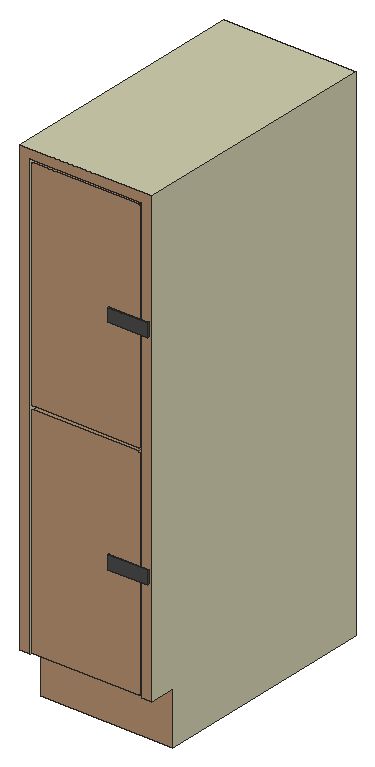
Revit family "Cabinet_Wenger_UltraStor_57", category Furniture, Revit 2015
Parameters (values of type "UltraStor Cabinet #57 - Comp Wood Doors")
  URL = "https://www.wengercorp.com/"
  Type Comments = ""
  Specification = "http://www.arcat.com/sdspecs/htm04/12_35_83wen.htm"
  Shelf Thickness = 0' - 1 1/8"
  Sales Information = "https://www.wengercorp.com/contact-us.php"
  Revision = "R1_2018-04"
  Rear Panel Thickness = 0' - 0 3/4"
  Product Data = "http://www.arcat.com/arcatcos/cos36/arc36487.html"
  Manufacturer Website = "https://www.wengercorp.com/"
  Manufacturer Phone - Toll Free = "800-4WENGER"
  Manufacturer Phone = "(507) 455-4100"
  Manufacturer Fax = "(507) 455-4258"
  Manufacturer Address = "555 Park Dr., Owatonna, MN 55060"
  Keynote = "12 35 83"
  HasDoors = yes
  Green Building-LEED = "http://www.arcat.com/green/clients/leed_data_36487.html"
  Drawn By = "Sumex Design, Inc. / Robert S. Weygant, CSI, CDT, SCIP"
  Door Width = (Cabinet Width - 0' 1 1/2")  # 0' - 8 1/2"
  Door Style = Door_Base : Solid Door
  Door Material [instance] = Wenger Cherry (Use Cherry Edge Band Only)
  Door Height = (Cabinet Height - 0' 4 3/4") / 2  # 1' - 4 25/32"
  Toe Kick Material [instance] = Wenger Cherry (Use Cherry Edge Band Only)
  RH End Panel [instance] = no
  Model = "#57"
  Manufacturer = "Wenger Corporation"
  LH End Panel [instance] = no
  End Panel Material [instance] = Wenger Cherry (Use Cherry Edge Band Only)
  Edge Banding Material [instance] = Wenger Cherry (Use Cherry Edge Band Only)
  Cost = 0
  Copyright = "© 2018 Arcat Inc."
  Construction Details = "http://www.arcat.com/details/wengerco/wengerco.html?coid=36487"
  Body Material [instance] = Wenger - Oyster
  Description = "Wenger UltraStor Cabinet #57 - Comp Wood Doors"
  Cabinet Width = 0' - 10"
  Cabinet Height = 3' - 2 5/16"
  Installed Depth = 1' - 7 1/4"
  Cabinet Panel Thickness = 0' - 0 3/4"
  Assembly Code = "E2010200"
Types (14): name | Rear Panel Thickness | HasDoors | Door Width | Door Style | Door Material | Model | Description | Cabinet Width | Installed Depth
  Acoustic Cabinet #57 - No Doors | 0' - 3 1/4" | no | 0' - 8 1/2" | Door_Base : Solid Door | none | "#57A" | "Wenger Acoustic Cabinet #57 - No Doors" | 0' - 10" | 1' - 9 3/4"
  Narrow Acoustic Cabinet #57 - No Doors | 0' - 3 1/4" | no | 0' - 6 1/2" | Door_Base : Solid Door | none | "#57NA" | "Wenger Narrow Acoustic Cabinet #57 - No Doors" | 0' - 8" | 1' - 9 3/4"
  Narrow Acoustic Cabinet #57 - Comp Grille Doors | 0' - 3 1/4" | yes | 0' - 6 1/2" | Door_Base : Bars | Painted Black | "#57NA" | "Wenger Narrow Acoustic Cabinet #57 - Comp Grille Doors" | 0' - 8" | 1' - 9 3/4"
  Acoustic Cabinet #57 - Comp Waterfall Grille Doors | 0' - 3 1/4" | yes | 0' - 8 1/2" | Door_Base : Waterfall | Painted Black | "#57A" | "Wenger Acoustic Cabinet #57 - Comp Waterfall Grille Doors" | 0' - 10" | 1' - 9 3/4"
  Narrow Acoustic Cabinet #57 - Comp Waterfall Grille Doors | 0' - 3 1/4" | yes | 0' - 6 1/2" | Door_Base : Waterfall | Painted Black | "#57NA" | "Wenger Narrow Acoustic Cabinet #57 - Comp Waterfall Grille Doors" | 0' - 8" | 1' - 9 3/4"
  Acoustic Cabinet #57 - Comp Grille Doors | 0' - 3 1/4" | yes | 0' - 8 1/2" | Door_Base : Bars | Painted Black | "#57A" | "Wenger Acoustic Cabinet #57 - Comp Grille Doors" | 0' - 10" | 1' - 9 3/4"
  UltraStor Cabinet #57 - Comp Grille Doors | 0' - 0 3/4" | yes | 0' - 8 1/2" | Door_Base : Bars | Painted Black | "#57" | "Wenger UltraStor Cabinet #57 - Comp Grille Doors" | 0' - 10" | 1' - 7 1/4"
  UltraStor Cabinet #57 - No Doors | 0' - 0 3/4" | no | 0' - 8 1/2" | Door_Base : Solid Door | none | "#57" | "Wenger UltraStor Cabinet #57 - No Doors" | 0' - 10" | 1' - 7 1/4"
  Narrow UltraStor Cabinet #57 - No Doors | 0' - 0 3/4" | no | 0' - 6 1/2" | Door_Base : Solid Door | none | "#57N" | "Wenger Narrow Cabinet #57 - No Doors" | 0' - 8" | 1' - 7 1/4"
  UltraStor Cabinet #57 - Comp Wood Doors | 0' - 0 3/4" | yes | 0' - 8 1/2" | Door_Base : Solid Door | Wenger Cherry (Use Cherry Edge Band Only) | "#57" | "Wenger UltraStor Cabinet #57 - Comp Wood Doors" | 0' - 10" | 1' - 7 1/4"
  UltraStor Cabinet #57 - Comp Waterfall Grille Doors | 0' - 0 3/4" | yes | 0' - 8 1/2" | Door_Base : Waterfall | Painted Black | "#57" | "Wenger UltraStor Cabinet #57 - Comp Waterfall Grille Doors" | 0' - 10" | 1' - 7 1/4"
  Narrow UltraStor Cabinet #57 - Comp Wood Doors | 0' - 0 3/4" | yes | 0' - 6 1/2" | Door_Base : Solid Door | Wenger Cherry (Use Cherry Edge Band Only) | "#57N" | "Wenger Narrow Cabinet #57 - Comp Wood Doors" | 0' - 8" | 1' - 7 1/4"
  Narrow UltraStor Cabinet #57 - Comp Grille Doors | 0' - 0 3/4" | yes | 0' - 6 1/2" | Door_Base : Bars | Painted Black | "#57N" | "Wenger Narrow Cabinet #57 - Comp Grille Doors" | 0' - 8" | 1' - 7 1/4"
  Narrow UltraStor Cabinet #57 - Comp Waterfall Grille Doors | 0' - 0 3/4" | yes | 0' - 6 1/2" | Door_Base : Waterfall | Painted Black | "#57N" | "Wenger Narrow Cabinet #57 - Comp Waterfall Grille Doors" | 0' - 8" | 1' - 7 1/4"
Reference planes (in)
  plane 1 "Front": y = 0
  plane 2: z = 0
  plane 3 "Left": x = 0
  plane 4 "Right": x = 10
  plane 5 "Back": y = 19.25
  plane 6 "Top": z = 38.3125
  plane 7: z = 4
  plane 8: z = 20.78125
  plane 9: x = 0.75
  plane 10: x = 9.25
  plane 11: z = 37.5625
  plane 12: x = 9.25
  plane 13: x = 0.75
  plane 14: y = 18.5
  plane 15: y = 2
  plane 16: y = 0.75
  plane 17: z = 21.90625
  plane 18: z = 5.125
Forms (in)
  Extrusion 1, solid, material "Wenger - Oyster" <- "Body Material"
    sketch origin (0, 0, 0) x (0, 1, 0) y (0, 0, 1)
      loop
        line (0, 38.3125) -> (0, 4) -> (2, 4) -> (2, 0) -> (19.25, 0) -> (19.25, 38.3125) -> (0, 38.3125)
    from 0 to 10
  Extrusion 2, void
    sketch origin (0, 0, 0) x (0, 1, 0) y (0, 0, 1)
      loop
        line (0, 37.5625) -> (0, 4) -> (0.75, 4)
        arc (0.75, 4) -> (1.15915, 4.80234) -> (2, 5.125) r 1.25694
        line (2, 5.125) -> (18.5, 5.125) -> (18.5, 20.78125) -> (0.75, 20.78125)
        arc (0.75, 20.78125) -> (1.15915, 21.58359) -> (2, 21.90625) r 1.25694
        line (2, 21.90625) -> (18.5, 21.90625) -> (18.5, 37.5625) -> (0, 37.5625)
    from 0.75 to 9.25
  Extrusion 3, void
    sketch origin (0, 0, 0) x (0, 1, 0) y (0, 0, 1)
      loop
        line (0, 37.5625) -> (0, 4) -> (0.0625, 4) -> (0.0625, 37.5625) -> (0, 37.5625)
    from 0.75 to 9.25
Cuts and joins
  Extrusion 2, Extrusion 3 cuts Extrusion 1
Lines and regions (in)
  Masking region 1
    outline origin (0, 0, 0) x (1, 0, 0) y (0, 1, 0)
      loop
        line (0, 19.25) -> (0, 0) -> (10, 0) -> (10, 19.25) -> (0, 19.25)
Dimensions and locks (in)
  "Cabinet Panel Thickness": plane 3 "Left" to plane 9
  "Cabinet Panel Thickness": plane 10 to plane 4 "Right"
  "Cabinet Panel Thickness": plane 5 "Back" to plane 14
  locked: plane 1 "Front" to plane 16 at 0.75
  locked: plane 1 "Front" to plane 15 at 2
  "Shelf Thickness": plane 17 to plane 8
  "Cabinet Panel Thickness": plane 6 "Top" to plane 11
  equal spacing: plane 11, plane 8, plane 7
  "Shelf Thickness": plane 18 to plane 7
  "Cabinet Width": plane 3 "Left" to plane 4 "Right"
  locked: plane 7 to level at 4
  "Cabinet Height": plane 6 "Top" to level
  "Installed Depth": plane 1 "Front" to plane 5 "Back"
  "Door Width": plane 12 to plane 9
  "Door Width": plane 10 to plane 13
  plane 3 "Left" to plane 4 "Right" = 0' - 10"
  equal spacing: plane 5 "Back", nested 2, plane 1 "Front"
  equal spacing: plane 13, nested 2, plane 12
  aligned and locked: Extrusion 1 sketch curve to plane 6 "Top"
  aligned and locked: Extrusion 1 sketch curve to plane 5 "Back"
  aligned and locked: Extrusion 1 sketch curve to plane 1 "Front"
  aligned and locked: Extrusion 1 sketch curve to plane 7
  aligned and locked: Extrusion 1 sketch curve to plane 15
  aligned and locked: Extrusion 1 sketch curve to level
  aligned and locked: Extrusion 1 to plane 4 "Right"
  aligned and locked: Extrusion 1 to plane 3 "Left"
  aligned and locked: Extrusion 2 sketch curve to plane 11
  aligned and locked: Extrusion 2 sketch curve to plane 14
  aligned and locked: Extrusion 2 sketch curve to plane 8
  aligned and locked: Extrusion 2 sketch curve to plane 18
  aligned and locked: Extrusion 2 sketch curve to plane 17
  aligned and locked: Extrusion 2 to plane 9
  aligned and locked: Extrusion 3 sketch curve to cut or joined group of Extrusion 1, Extrusion 2, Extrusion 3  (x3)
  aligned and locked: Extrusion 3 to plane 10
  aligned and locked: Extrusion 3 to plane 9
  aligned and locked: nested 3 to plane 9
  aligned and locked: plane 12 to nested 3
  aligned and locked: nested 3 to plane 8
  aligned and locked: plane 8 to cut or joined group of Extrusion 1, Extrusion 2, Extrusion 3
  aligned and locked: plane 12 to nested 4
  aligned and locked: nested 4 to plane 9
  aligned and locked: plane 7 to cut or joined group of Extrusion 1, Extrusion 2, Extrusion 3
  aligned and locked: nested 4 to plane 7
  aligned and locked: plane 16 to Extrusion 2 sketch curve  (x2)
  aligned and locked: plane 1 "Front" to nested 5
  aligned and locked: nested 5 to level
  aligned and locked: nested 5 to plane 4 "Right"
  aligned and locked: Masking region 1 sketch curve to plane 5 "Back"
  aligned and locked: Masking region 1 sketch curve to plane 1 "Front"
  aligned and locked: plane 3 "Left" to Masking region 1 sketch curve
  aligned and locked: plane 4 "Right" to Masking region 1 sketch curve
  aligned and locked: cut or joined group of Extrusion 1, Extrusion 2, Extrusion 3 to plane 10
  aligned and locked: plane 1 "Front" to Extrusion 2 sketch curve
Automatic sketch dimensions
  plane 16 to Extrusion 3 sketch curve = 0' - 0 11/16"
  Extrusion 2 sketch curve to plane 7 = 0' - 0"
  Extrusion 2 sketch curve to plane 15 = 0' - 0"  (x2)
  Extrusion 2 sketch curve to plane 14 = 0' - 0"
Nested families (in)
  nested 1: "End Panel" at (0, 4.25, 0) x (0, -1, 0) z (0, 0, 1), End Panel Material <- "End Panel Material", visible <- "LH End Panel", Edge Banding Material <- "Edge Banding Material", type "End Panel"
    with End Panel Material Wenger Cherry (Use Cherry Edge Band Only), Edge Banding Material Wenger Cherry (Use Cherry Edge Band Only), End Panel Height 3' - 2 5/16", End Panel Depth 1' - 7 1/4"
  nested 2: "Labels" at (5, 9.625, 0), type "Labels"
  nested 3: "Door_Base" at (5, 0, 20.78125) x (1, 0, 0) z (0, -1, 0), type <- "Door Style", Height <- "Door Height", Width <- "Door Width", visible <- "HasDoors", type "Solid Door", detail levels medium+fine
    with vBars 6, Width 0' - 8 1/2", ToeKick Height 0' - 4", MidBar no, Height 1' - 4 25/32", BarHt 1' - 4 9/32", 2HzBars no
  nested 4: "Door_Base" at (5, 0, 4) x (1, 0, 0) z (0, -1, 0), type <- "Door Style", Height <- "Door Height", Width <- "Door Width", visible <- "HasDoors", type "Solid Door", detail levels medium+fine
    with vBars 6, Width 0' - 8 1/2", ToeKick Height 0' - 4", MidBar no, Height 1' - 4 25/32", BarHt 1' - 4 9/32", 2HzBars no
  nested 5: "End Panel" at (10.75, 4.25, 0) x (0, -1, 0) z (0, 0, 1), End Panel Material <- "End Panel Material", Edge Banding Material <- "Edge Banding Material", visible <- "RH End Panel", type "End Panel"
    with End Panel Material Wenger Cherry (Use Cherry Edge Band Only), Edge Banding Material Wenger Cherry (Use Cherry Edge Band Only), End Panel Height 3' - 2 5/16", End Panel Depth 1' - 7 1/4"
Definition of nested family "End Panel"
  Parameters (values of type "End Panel")
    End Panel Material [instance] = none
    End Panel Height = 7' - 1 5/8"
    End Panel Depth = 1' - 9 3/4"
    Edge Banding Material [instance] = none
    Default Elevation = 4' - 0"
    Assembly Code = ""
  Reference planes (in)
    plane 1 "Center (Front/Back)": y = 0
    plane 2: z = 0
    plane 3 "Center (Left/Right)": x = 0
    plane 4: x = -15
    plane 5: x = 6.75
    plane 6: z = 4
    plane 7: x = 4.75
    plane 8: z = 85.625
    plane 9: y = -0.75
  Forms (in)
    Extrusion 1, solid, material <- "End Panel Material"
      sketch origin (0, 0, 0) x (1, 0, 0) y (0, 0, 1)
        loop
          line (-15, 85.625) -> (-15, 0) -> (4.75, 0) -> (4.75, 4) -> (6.75, 4) -> (6.75, 85.625) -> (-15, 85.625)
      from 0 to 0.75
  Lines and regions (in)
    Masking region 1, detail levels coarse+medium
      outline origin (0, 0, 0) x (1, 0, 0) y (0, 1, 0)
        loop
          line (-15, 0) -> (-15, -0.75) -> (6.75, -0.75) -> (6.75, 0) -> (-15, 0)
  Dimensions and locks (in)
    locked: plane 7 to plane 5 at 2
    locked: plane 6 to level at 4
    "End Panel Height": plane 8 to level
    "End Panel Depth": plane 5 to plane 4
    locked: plane 9 to plane 1 "Center (Front/Back)" at 0.75
    aligned and locked: plane 4 to Extrusion 1 sketch curve
    aligned and locked: level to Extrusion 1 sketch curve
    aligned and locked: plane 7 to Extrusion 1 sketch curve
    aligned and locked: plane 6 to Extrusion 1 sketch curve
    aligned and locked: Extrusion 1 sketch curve to plane 5
    aligned and locked: Extrusion 1 sketch curve to plane 8
    aligned and locked: Extrusion 1 to plane 9
    aligned and locked: Extrusion 1 to plane 1 "Center (Front/Back)"
    aligned and locked: plane 4 to Masking region 1 sketch curve
    aligned and locked: Masking region 1 sketch curve to plane 5
    aligned and locked: plane 1 "Center (Front/Back)" to Masking region 1 sketch curve
    aligned and locked: plane 9 to Masking region 1 sketch curve
Definition of nested family "Door_Base"
  Parameters (values of type "None")
    vBars [instance] = (Width - 0' 2") / 0' 1"  # 6
    Width [instance] = 0' - 8"
    ToeKick Height [instance] = 0' - 4"
    Thickness = 0' - 0 3/4"
    Solid Door = no
    Shelf Thickness = 0' - 0 3/4"
    Panel Thickness = 0' - 0 3/4"
    MidBar [instance] = and(Height < 1' 6", HasDoor, not(Solid Door))  # no
    Height [instance] = 1' - 2 5/8"
    HasDoor = no
    Edge Banding = none
    DoorGap = 0' - 0 1/8"
    Door Finish = none
    Depth = 2' - 0"
    Default Elevation = 4' - 0"
    Bars = no
    BarStyle = Bars : Waterfall
    BarHt [instance] = Height - 0' 0 1/2"  # 1' - 2 1/8"
    2HzBars [instance] = and(Height > 1' 6", not(Solid Door))  # no
  Types (4): name | Thickness | Solid Door | MidBar | HasDoor | Bars | BarStyle
    Solid Door | 0' - 0 3/4" | yes | no | yes | no | Bars : Waterfall
    Bars | 0' - 0 1/4" | no | yes | yes | yes | Bars : Straight
    Waterfall | 0' - 0 3/4" | no | yes | yes | yes | Bars : Waterfall
    None | 0' - 0 3/4" | no | no | no | no | Bars : Waterfall
  Reference planes (in)
    plane 1 "Center (Front/Back)": y = 0
    plane 2: z = 0
    plane 3 "Center (Left/Right)": x = 0
    plane 4: x = -4
    plane 5: y = 14.625
    plane 6: x = 4
    plane 7: z = -0.75
    plane 8: x = -3.875
    plane 9: x = 3.875
    plane 10: y = 0.125
    plane 11: y = 14.5
    plane 12: y = -0.75
    plane 13 "CL Elev": y = 7.3125
    plane 14: x = -3.75
    plane 15: x = 3.75
    plane 16 "BtmRail": y = 0.25
    plane 17: y = 14.375
    plane 18: z = -0.125
    plane 19: x = -2.75
    plane 20: x = 2.75
    plane 21: y = 9.66667
    plane 22: y = 4.95833
  Forms (in)
    Extrusion 1, solid, material <- "Door Finish", visible <- "Solid Door", detail levels medium+fine
      sketch origin (0, 0, 0) x (1, 0, 0) y (0, 1, 0)
        loop
          arc (-3.75, 14.5) -> (-3.83839, 14.46339) -> (-3.875, 14.375) r 0.125
          line (-3.875, 14.375) -> (-3.875, 0.25)
          arc (-3.875, 0.25) -> (-3.83839, 0.16161) -> (-3.75, 0.125) r 0.125
          line (-3.75, 0.125) -> (3.75, 0.125)
          arc (3.75, 0.125) -> (3.83839, 0.16161) -> (3.875, 0.25) r 0.125
          line (3.875, 0.25) -> (3.875, 14.375)
          arc (3.875, 14.375) -> (3.83839, 14.46339) -> (3.75, 14.5) r 0.125
          line (3.75, 14.5) -> (-3.75, 14.5)
      from 0 to -0.75
    Sweep 2, solid, material <- "Door Finish", visible <- "Bars", detail levels medium+fine
      path origin (0, 0, 0) x (1, 0, 0) y (0, 1, 0)
        loop
          arc (-3.125, 14.5) -> (-3.65533, 14.28033) -> (-3.875, 13.75) r 0.75
          line (-3.875, 13.75) -> (-3.875, 0.875)
          arc (-3.875, 0.875) -> (-3.65533, 0.34467) -> (-3.125, 0.125) r 0.75
          line (-3.125, 0.125) -> (3.125, 0.125)
          arc (3.125, 0.125) -> (3.65533, 0.34467) -> (3.875, 0.875) r 0.75
          line (3.875, 0.875) -> (3.875, 13.75)
          arc (3.875, 13.75) -> (3.65533, 14.28033) -> (3.125, 14.5) r 0.75
          line (3.125, 14.5) -> (-3.125, 14.5)
      profile origin (0, 14.5, 0) x (0, 1, 0) y (0, 0, 1)
        loop
          circle (-0.125, -0.125) r 0.125
    Extrusion 3, solid, material <- "Door Finish", visible <- "MidBar", detail levels medium+fine
      sketch origin (0, 0, 0) x (0, 1, 0) y (0, 0, 1)
        loop
          circle (7.3125, -0.125) r 0.125
      from -3.75 to 3.75
    Extrusion 4, solid, visible <- "HasDoor", detail levels fine
      sketch origin (0, 0, 0) x (1, 0, 0) y (0, 1, 0)
        loop
          line (1.5, 7.8125) -> (1.5, 6.8125) -> (4.5, 6.8125) -> (4.5, 7.8125) -> (1.5, 7.8125)
      from 0 to 0.125
    Extrusion 5, solid, material <- "Door Finish", visible <- "2HzBars", detail levels medium+fine
      sketch origin (0, 0, 0) x (0, 1, 0) y (0, 0, 1)
        loop
          circle (9.66667, -0.125) r 0.125
        loop
          circle (4.95833, -0.125) r 0.125
      from -3.75 to 3.75
  Lines and regions (in)
    symbolic lines, visible <- "HasDoor", detail levels medium+fine
      curve 1: line (4, 0.25, 0) -> (-4, 0.25, 0)
      curve 2: line (-4, 0.25, 0) -> (-4, 0.25, 8)
      curve 3: arc (4, 0.25, 0) -> (1.65685, 0.25, 5.65685) -> (-4, 0.25, 8) r 8
    symbolic lines, visible <- "HasDoor"
      curve 4: line (3.875, 0.25, 0) -> (3.875, 0.25, -0.75)
      curve 5: line (3.875, 0.25, -0.75) -> (-3.875, 0.25, -0.75)
      curve 6: line (-3.875, 0.25, -0.75) -> (-3.875, 0.25, 0)
    symbolic lines, detail levels medium
      curve 7: line (3.875, 14.5, 0) -> (-3.875, 7.3125, 0)
      curve 8: line (-3.875, 7.3125, 0) -> (3.875, 0.125, 0)
  Dimensions and locks (in)
    "Height": plane 1 "Center (Front/Back)" to plane 5
    "Thickness": level to plane 7
    equal spacing: plane 4, plane 3 "Center (Left/Right)", plane 6
    "Width": plane 4 to plane 6
    "DoorGap": plane 5 to plane 11
    "DoorGap": plane 9 to plane 6
    "DoorGap": plane 4 to plane 8
    "DoorGap": plane 1 "Center (Front/Back)" to plane 10
    "Shelf Thickness": plane 1 "Center (Front/Back)" to plane 12
    equal spacing: plane 1 "Center (Front/Back)", plane 13 "CL Elev", plane 5
    locked: plane 15 to plane 9 at 0.125
    locked: plane 8 to plane 14 at 0.125
    locked: plane 11 to plane 17 at 0.125
    locked: plane 16 "BtmRail" to plane 10 at 0.125
    locked: level to plane 18 at 0.125
    plane 19 to plane 14 = 0' - 1"
    locked: plane 15 to plane 20 at 1
    Extrusion 4 sketch curve to plane 13 "CL Elev" to Extrusion 4 sketch curve = 0' - 0 1/2" locked, 0' - 0 1/2" locked
    locked: plane 6 to Extrusion 4 sketch curve at 0.5
    locked: Extrusion 4 sketch curve to plane 6 at 2.5
    locked: Extrusion 4 to level at 0.125
    equal spacing: group 1, group 3, group 4, group 5, group 6, group 2  (x3)
    equal spacing: plane 17, plane 21, plane 22, plane 16 "BtmRail"
    "Width": radius of curve 3
    aligned and locked: plane 2 to level
    aligned and locked: Extrusion 1 sketch curve to plane 11
    aligned and locked: plane 8 to Extrusion 1 sketch curve
    aligned and locked: Extrusion 1 sketch curve to plane 9
    aligned and locked: plane 10 to Extrusion 1 sketch curve
    aligned and locked: Extrusion 1 to plane 7
    aligned and locked: level to Extrusion 1
    aligned and locked: Sweep 2 sketch curve to plane 11
    aligned and locked: plane 8 to Sweep 2 sketch curve
    aligned and locked: plane 10 to Sweep 2 sketch curve
    aligned and locked: Sweep 2 sketch curve to plane 9
    aligned and locked: plane 15 to Extrusion 3
    aligned and locked: Extrusion 3 to plane 14
    aligned and locked: plane 20 to nested 2
    aligned and locked: plane 19 to nested 1
    aligned and locked: plane 21 to Extrusion 5 sketch curve
    aligned and locked: plane 18 to Extrusion 5 sketch curve  (x2)
    aligned and locked: plane 22 to Extrusion 5 sketch curve
    aligned and locked: Extrusion 5 to Extrusion 3  (x2)
    aligned and locked: plane 4 to curve 3  (x2)
    aligned and locked: level to curve 3
    aligned and locked: plane 7 to curve 5
    aligned and locked: Extrusion 1 to plane 8
    aligned and locked: plane 9 to Extrusion 1
    aligned and locked: plane 10 to curve 8
    aligned and locked: plane 9 to curve 8
    aligned and locked: plane 13 "CL Elev" to curve 8
    aligned and locked: plane 11 to curve 7
    aligned and locked: plane 9 to curve 7
  Automatic sketch dimensions
    plane 8 to Sweep 2 sketch curve = 0' - 0 3/4"  (x2)
    Sweep 2 sketch curve to plane 9 = 0' - 0 3/4"
    Sweep 2 sketch curve to Sweep 2 sketch curve = 0' - 0 3/4"
    Sweep 2 sketch curve to level = 0' - 0 1/8"
    profile plane to Sweep 2 sketch curve = 0' - 0 1/8"
    Extrusion 3 sketch curve to level = 0' - 0 1/8"
    Extrusion 3 sketch curve to plane 13 "CL Elev" = 0' - 0"
    curve 8 to plane 8 = 0' - 0"
    Extrusion 1 sketch curve to plane 14 = 0' - 0"  (x2)
    Extrusion 1 sketch curve to plane 15 = 0' - 0"  (x2)
    curve 5 to plane 9 = 0' - 0"
    curve 6 to plane 8 = 0' - 0"
    radius of Sweep 2 sketch curve = 0' - 0 1/8"
    radius of Extrusion 3 sketch curve = 0' - 0 1/8"
    radius of Extrusion 5 sketch curve = 0' - 0 1/8"  (x2)
  Nested families (in)
    nested 1: "Bars" at (-2.75, 0.25, -0.125) x (1, 0, 0) z (0, 1, 0), type <- "BarStyle", visible <- "Bars", type "Waterfall", detail levels fine
      with Lateral Deviation 0' - 1", Height 1' - 2 1/8"
    nested 2: "Bars" at (2.75, 0.25, -0.125) x (1, 0, 0) z (0, 1, 0), type <- "BarStyle", visible <- "Bars", type "Waterfall", detail levels fine
      with Lateral Deviation 0' - 1", Height 1' - 2 1/8"
    nested 3: "Bars" at (-1.65, 0.25, -0.125) x (1, 0, 0) z (0, 1, 0), type <- "BarStyle", visible <- "Bars", type "Waterfall", detail levels fine
      with Lateral Deviation 0' - 1", Height 1' - 2 1/8"
    nested 4: "Bars" at (-0.55, 0.25, -0.125) x (1, 0, 0) z (0, 1, 0), type <- "BarStyle", visible <- "Bars", type "Waterfall", detail levels fine
      with Lateral Deviation 0' - 1", Height 1' - 2 1/8"
    nested 5: "Bars" at (0.55, 0.25, -0.125) x (1, 0, 0) z (0, 1, 0), type <- "BarStyle", visible <- "Bars", type "Waterfall", detail levels fine
      with Lateral Deviation 0' - 1", Height 1' - 2 1/8"
    nested 6: "Bars" at (1.65, 0.25, -0.125) x (1, 0, 0) z (0, 1, 0), type <- "BarStyle", visible <- "Bars", type "Waterfall", detail levels fine
      with Lateral Deviation 0' - 1", Height 1' - 2 1/8"
  Definition of nested family "Bars"
    Parameters (values of type "Straight")
      WaterFall = no
      Straight = yes
      Lateral Deviation = 0' - 1 1/2"
      Height = 1' - 2 5/8"
      Default Elevation = 4' - 0"
      Bars = none
    Types (3): name | WaterFall | Straight
      (no name) | no | yes
      Waterfall | yes | no
      Straight | no | yes
    Reference planes (in)
      plane 1 "Center (Front/Back)": y = 0
      plane 2: z = 0
      plane 3 "Center (Left/Right)": x = 0
      plane 4: z = 14.625
      plane 5: z = 7.3125
      plane 6: x = 0.75
      plane 7: x = -0.75
      plane 8: z = 10.96875
      plane 9: z = 3.65625
    Forms (in)
      Sweep 1, solid, material <- "Bars", visible <- "WaterFall"
        path origin (0, 0, 0) x (1, 0, 0) y (0, 0, 1)
          loop
            arc (0, 0) -> (0.56057, 1.79006) -> (0.75, 3.65625) r 9.28711
            arc (0.75, 3.65625) -> (0.56057, 5.52244) -> (0, 7.3125) r 9.28711
        profile origin (0.56057, 0, 1.79006) x (-0.979603, 0, 0.200944) y (0, -1, 0)
          loop
            circle (0, 0) r 0.0625
      Sweep 2, solid, material <- "Bars", visible <- "WaterFall"
        path origin (0, 0, 14.625) x (-1, 0, 0) y (0, 0, -1)
          loop
            arc (0, 0) -> (0.56057, 1.79006) -> (0.75, 3.65625) r 9.28711
            arc (0.75, 3.65625) -> (0.56057, 5.52244) -> (0, 7.3125) r 9.28711
        profile origin (-0.56057, 0, 12.83494) x (0.979603, 0, -0.200944) y (0, -1, 0)
          loop
            circle (0, 0) r 0.0625
      Extrusion 3, solid, material <- "Bars", visible <- "Straight"
        sketch origin (0, 0, 0) x (1, 0, 0) y (0, 1, 0)
          loop
            circle (0, 0) r 0.0625
        from 0 to 14.625
    Dimensions and locks (in)
      "Height": plane 4 to level
      equal spacing: plane 6, plane 3 "Center (Left/Right)", plane 7
      "Lateral Deviation": plane 6 to plane 7
      equal spacing: plane 4, plane 8, plane 5, plane 9, level
      aligned and locked: plane 2 to level
      aligned and locked: plane 3 "Center (Left/Right)" to Sweep 1 sketch curve  (x2)
      aligned and locked: level to Sweep 1 sketch curve
      aligned and locked: plane 6 to Sweep 1 sketch curve
      aligned and locked: plane 9 to Sweep 1 sketch curve
      aligned and locked: plane 4 to Sweep 2 sketch curve
      aligned and locked: plane 3 "Center (Left/Right)" to Sweep 2 sketch curve  (x2)
      aligned and locked: plane 8 to Sweep 2 sketch curve
      aligned and locked: plane 7 to Sweep 2 sketch curve
      aligned and locked: plane 5 to Sweep 2 sketch curve
      aligned and locked: plane 4 to Extrusion 3
      aligned and locked: Extrusion 3 to level
    Automatic sketch dimensions
      plane 1 "Center (Front/Back)" to Sweep 1 sketch curve = 0' - 0"
      Sweep 1 sketch curve to profile plane = 0' - 0"
      Sweep 1 sketch curve to Sweep 1 sketch curve = 0' - 0"
      Sweep 2 sketch curve to plane 1 "Center (Front/Back)" = 0' - 0"
      Sweep 2 sketch curve to profile plane = 0' - 0"
      plane 1 "Center (Front/Back)" to Extrusion 3 sketch curve = 0' - 0"
      Extrusion 3 sketch curve to plane 3 "Center (Left/Right)" = 0' - 0"
      radius of Sweep 1 sketch curve = 0' - 0 1/16"
      radius of Sweep 2 sketch curve = 0' - 0 1/16"
      radius of Extrusion 3 sketch curve = 0' - 0 1/16"
Definition of nested family "Labels"
  Parameters
    Cabinet Label = "01"
  Reference planes (in)
    plane 1: y = 0
    plane 2: x = 0
  Text (in)
    label "xxxx" at (-0.00018, 0.00754, 0), shows "Cabinet Label"
